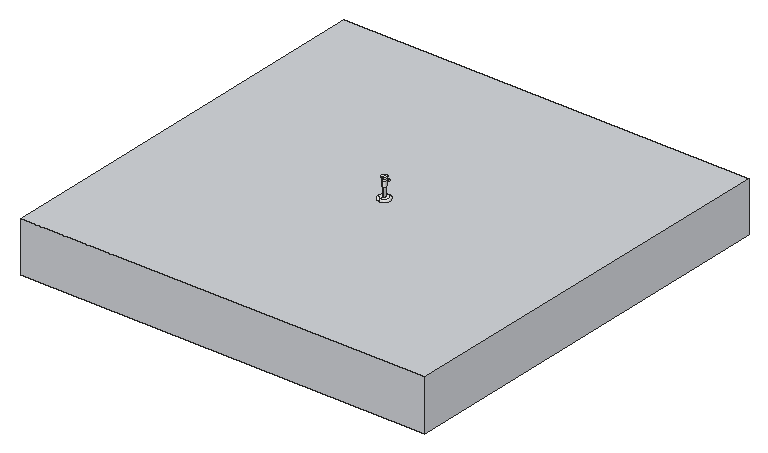
Revit family
Parameters (values of type "LF2165")
  Waste Connection = no
  Warranty Information = "15 Years Limited Warranty"
  WFU = 0
  Vent Connection = no
  URL = "http://www.mcguiremfg.com/"
  Type Comments = ""
  Specification = "Supply kit shall include lead free chrome plated brass supply stop valves with full turn brass stem, no plastic, (12, 15, 20) inch chrome plated risers and (shallow, deep, bell) (steel, brass) or (forged brass with set screw) flange. Inlet shall be 1/2 inch IPS. Outlet shall be 3/8 inch compression. Supply kit shall be McGuire LF2165. Supply kit shall be certified by recognized testing authority and shall bear manufacturer and testing mark."
  Shipping Weight = "1.08 lbs"
  Product Page URL = "http://products.mcguiremfg.com/inventoryD.asp?item_no=LF2165&CatId={22255D44-5209-4DF4-8FA5-1C69BA1DDB41}"
  Product Documentation Link = "http://products.mcguiremfg.com/pdf/LF2165_2165LK_2167_2167LK.pdf"
  Price = "Prices may vary. Please consult Manufacturer Representative for most up-to-date price list."  # constant formula
  Phone Number = "416-250-5656"  # constant formula
  Outlet Radius = 3/16"
  Outlet Diameter = Outlet Radius * 2  # 3/8"
  Omniclass Table 23 Title = "Sanitary Components"  # constant formula
  Omniclass Table 23 Code = "23.45.55.11"  # constant formula
  Model = "LF2165"
  Material = Brass-McGuire-Low Lead-Chrome Plated
  Masterformat Title = "Commercial Faucets, Supplies, and Trim"  # constant formula
  Masterformat Number = "22 42 39"  # constant formula
  Manufacturer = "McGuire Mfg"
  Length = 1 1/2"
  IAPMO Compliance = "cUPC Low-Lead"
  Hydronic Supply Radius = 1/4"
  Hydronic Supply Diameter = Hydronic Supply Radius * 2  # 1/2"
  HWFU = 0
  HW Connection = yes
  Description = "McGuire's lead free wheel handle supply kit. Furnished with 1/2 inch IPS x 3/8 inch OD angle stop valve, 12 inch copper flexible riser and a steel shallow flange."
  Default Elevation = 0"
  Creation Date = "10/27/2015"  # constant formula
  Created By = "Allied Technical Services"  # constant formula
  CWFU = 0
  CW Connection = yes
  Assembly Code = "D2020300"
  ATS URL = "http://www.atsspec.net"
Reference planes (in)
  plane 1 "Center (Front/Back)": y = 0
  plane 2: z = 0
  plane 3 "Center (Left/Right)": x = 0
  plane 4: z = 4
  plane 5: y = 0.1875
  plane 6: y = -1.375
  plane 7: z = 4.4375
  plane 8: z = 3.5
  plane 9: z = 3.6875
  plane 10: x = -0.1875
  plane 11: x = -0.25
  plane 12: x = 0.1875
  plane 13: x = 0.25
  plane 14: z = 2.75
  plane 15: z = 4.25
  plane 16: y = 1.1875
Forms (in)
  Extrusion 1, solid
    sketch origin (0, 0, 0) x (1, 0, 0) y (0, 1, 0)
      loop
        line (-48, 48) -> (-48, -48) -> (48, -48) -> (48, 48) -> (-48, 48)
    from 0 to -12
  Revolve 2, solid, material "Brass-McGuire-Low Lead-Chrome Plated" <- "Material"
    sketch origin (0, 0, -3.5) x (0, 0, -1) y (0, 1, 0)
      loop
        line (-3.5, 0) -> (-3.5, 1.37012)
        arc (-3.5, 1.37012) -> (-3.76084, 1.30043) -> (-3.875, 1.05577) r 0.31926
        arc (-3.875, 1.05577) -> (-3.90674, 0.80134) -> (-4, 0.5625) r 1.03574
        line (-4, 0.5625) -> (-4, 0.1875) -> (-6.25, 0.1875) -> (-6.25, 0.3939) -> (-6.29846, 0.42187) -> (-7.45197, 0.42187) -> (-7.45197, 0.375) -> (-7.5, 0.375) -> (-7.5, 0.40665)
        arc (-7.5, 0.40665) -> (-7.53326, 0.4384) -> (-7.57776, 0.44996) r 0.09147
        line (-7.57776, 0.44996) -> (-7.67224, 0.44996)
        arc (-7.67224, 0.44996) -> (-7.73056, 0.29213) -> (-7.75, 0.125) r 0.70804
        line (-7.75, 0.125) -> (-8, 0.125) -> (-8, 0.1875) -> (-8.125, 0.1875) -> (-8.125, 0.625) -> (-8.25, 0.625)
        arc (-8.25, 0.625) -> (-8.30071, 0.31445) -> (-8.3125, 0) r 2.53202
        line (-8.3125, 0) -> (-3.5, 0)
      axis (-8.3125, 0) -> (-3.5, 0)
    angle from 0 to 360
  Revolve 3, solid, material "Brass-McGuire-Low Lead-Chrome Plated" <- "Material"
    sketch origin (0, -0.375, 0) x (0, 1, 0) y (0, 0, 1)
      loop
        line (0.64371, 3.72817) -> (0.64371, 3.6875) -> (1.5625, 3.6875) -> (1.5625, 3.75146) -> (1.16676, 3.75146) -> (1.14346, 3.72817) -> (0.64371, 3.72817)
      axis (0.64371, 3.5) -> (1.5625, 3.5)
    angle from 0 to 360
Cuts and joins
  joined: Revolve 2, Revolve 3
Lines and regions (in)
  Masking region 1
    outline origin (0, 0, 0) x (0, 0, 1) y (0, -1, 0)
      loop
        line (0.5, -0.1875) -> (2.75, -0.1875) -> (2.75, -0.3939) -> (2.79846, -0.42187) -> (3.27183, -0.42187) -> (3.27183, -0.76846) -> (3.24854, -0.79176) -> (3.24854, -1.1875) -> (3.75146, -1.1875) -> (3.75146, -0.79176) -> (3.72817, -0.76846) -> (3.72817, -0.42187) -> (3.95197, -0.42187) -> (3.95197, -0.375) -> (4, -0.375) -> (4, -0.40665)
        arc (4, -0.40665) -> (4.03222, -0.43774) -> (4.07529, -0.44996) r 0.09207
        line (4.07529, -0.44996) -> (4.17224, -0.44996)
        arc (4.17224, -0.44996) -> (4.23073, -0.29217) -> (4.25, -0.125) r 0.70223
        line (4.25, -0.125) -> (4.5, -0.125) -> (4.5, -0.1875) -> (4.625, -0.1875) -> (4.625, -0.625) -> (4.75, -0.625)
        arc (4.75, -0.625) -> (4.81328, 0) -> (4.75, 0.625) r 3.1182
        line (4.75, 0.625) -> (4.625, 0.625) -> (4.625, 0.1875) -> (4.5, 0.1875) -> (4.5, 0.125) -> (4.25, 0.125)
        arc (4.25, 0.125) -> (4.23073, 0.29217) -> (4.17224, 0.44996) r 0.70223
        line (4.17224, 0.44996) -> (4.07529, 0.44996)
        arc (4.07529, 0.44996) -> (4.03222, 0.43774) -> (4, 0.40665) r 0.09207
        line (4, 0.40665) -> (4, 0.375) -> (3.95197, 0.375) -> (3.95197, 0.42188) -> (2.79846, 0.42188) -> (2.75, 0.3939) -> (2.75, 0.1875) -> (0.5, 0.1875) -> (0.5, 0.5625)
        arc (0.5, 0.5625) -> (0.40855, 0.79449) -> (0.37504, 1.0416) r 1.03834
        arc (0.37504, 1.0416) -> (0.26567, 1.29507) -> (0, 1.37012) r 0.32129
        line (0, 1.37012) -> (0, -1.37012)
        arc (0, -1.37012) -> (0.26567, -1.29507) -> (0.37504, -1.0416) r 0.32129
        arc (0.37504, -1.0416) -> (0.40855, -0.79449) -> (0.5, -0.5625) r 1.03834
        line (0.5, -0.5625) -> (0.5, -0.1875)
  Masking region 2
    outline origin (0, 0, 0) x (1, 0, 0) y (0, 0, 1)
      loop
        arc (0.40665, 3.99994) -> (0.44546, 4.08211) -> (0.44996, 4.17287) r 0.23352
        arc (0.44996, 4.17287) -> (0.292, 4.23048) -> (0.125, 4.25) r 0.72207
        line (0.125, 4.25) -> (0.125, 4.5) -> (0.1875, 4.5) -> (0.1875, 4.625) -> (0.625, 4.625) -> (0.625, 4.75)
        arc (0.625, 4.75) -> (0, 4.8132) -> (-0.625, 4.75) r 3.12197
        line (-0.625, 4.75) -> (-0.625, 4.625) -> (-0.1875, 4.625) -> (-0.1875, 4.5) -> (-0.125, 4.5) -> (-0.125, 4.25)
        arc (-0.125, 4.25) -> (-0.292, 4.23048) -> (-0.44996, 4.17287) r 0.72207
        arc (-0.44996, 4.17287) -> (-0.44546, 4.08211) -> (-0.40665, 3.99994) r 0.23352
        line (-0.40665, 3.99994) -> (-0.37489, 3.99994) -> (-0.37489, 3.95197) -> (-0.42097, 3.95197) -> (-0.42097, 2.79764) -> (-0.3939, 2.75) -> (-0.1875, 2.75) -> (-0.1875, 0.5) -> (-0.5625, 0.5)
        arc (-0.5625, 0.5) -> (-0.79097, 0.40928) -> (-1.03439, 0.375) r 1.03498
        arc (-1.03439, 0.375) -> (-1.29375, 0.26942) -> (-1.37012, 0) r 0.31927
        line (-1.37012, 0) -> (1.37012, 0)
        arc (1.37012, 0) -> (1.29544, 0.26651) -> (1.04081, 0.375) r 0.31988
        arc (1.04081, 0.375) -> (0.7941, 0.40861) -> (0.5625, 0.5) r 1.03804
        line (0.5625, 0.5) -> (0.1875, 0.5) -> (0.1875, 2.75) -> (0.3939, 2.75) -> (0.42097, 2.79764) -> (0.42097, 3.95197) -> (0.37489, 3.95197) -> (0.37489, 3.99994) -> (0.40665, 3.99994)
  Masking region 3
    outline origin (0, 0, 0) x (1, 0, 0) y (0, 1, 0)
      loop
        circle (0, 0) r 1.37056
  symbolic lines, detail levels medium+fine
    curve 1: line (0, 0.76846, 3.27183) -> (0, 0.76846, 3.72817)
    curve 2: line (0, 0.1875, 0.5) -> (0, -0.1875, 0.5)
    curve 4: line (0.1875, 0, 0.5) -> (-0.1875, 0, 0.5)
    curve 7: circle (0, 0, 3.5) r 0.1875 normal (0, 1, 0)
    curve 8: circle (0, 0, 0) r 0.625 normal (0, 0, 1)
    curve 9: circle (0, 0, 0) r 0.1875 normal (0, 0, 1)
    curve 22: line (0, 0.1875, 4.625) -> (0, -0.1875, 4.625)
    curve 23: line (0, 0.125, 4.25) -> (0, -0.13248, 4.25)
    curve 24: line (0, -0.375, 4) -> (0, 0.375, 4)
    curve 25: line (0, 0.42187, 3.72817) -> (0, 0.42187, 3.27183)
    curve 26: line (0, 0.1875, 2.75) -> (0, -0.1875, 2.75)
    curve 35: line (0.37489, 0, 3.95197) -> (-0.37489, 0, 3.95197)
    curve 36: line (-0.37489, 0, 3.99994) -> (0.37489, 0, 3.99994)
    curve 37: line (0.125, 0, 4.25) -> (-0.125, 0, 4.25)
    curve 38: line (-0.1875, 0, 4.625) -> (0.1875, 0, 4.625)
    curve 39: line (0.1875, 0, 2.75) -> (-0.1875, 0, 2.75)
    curve 40: line (0.18659, 0, 2.79764) -> (0.18659, 0, 3.33143)
    curve 41: line (-0.18659, 0, 2.79764) -> (-0.18659, 0, 3.33143)
    curve 42: line (0.18659, 0, 3.95197) -> (0.18659, 0, 3.66857)
    curve 43: line (-0.18659, 0, 3.95197) -> (-0.18659, 0, 3.66857)
    curve 44: line (-0.25146, 1.1875, 0) -> (0.25146, 1.1875, 0)
    curve 45: line (0.25146, 1.1875, 0) -> (0.25146, 0.79139, 0)
    curve 46: line (0.25146, 0.79139, 0) -> (0.22908, 0.76901, 0)
    curve 47: line (-0.25146, 1.1875, 0) -> (-0.25146, 0.79139, 0)
    curve 48: line (-0.25146, 0.79139, 0) -> (-0.22908, 0.76901, 0)
    curve 50: line (-0.22908, 0.76901, 0) -> (-0.22908, 0.58151, 0)
    curve 51: line (0.22908, 0.76901, 0) -> (0.22908, 0.58151, 0)
  symbolic lines, detail levels fine
    curve 3: line (0, 1.0416, 0.37504) -> (0, -1.045, 0.37504)
    curve 5: line (1.04081, 0, 0.375) -> (-1.03439, 0, 0.375)
    curve 6: circle (0, 0, 3.5) r 0.25146 normal (0, 1, 0)
    curve 10: line (0.02734, 0.08203, 0) -> (0.02734, 0.02734, 0)
    curve 11: line (0.02734, 0.02734, 0) -> (0.08203, 0.02734, 0)
    curve 12: line (0.08203, 0.02734, 0) -> (0.08203, -0.02734, 0)
    curve 13: line (0.08203, -0.02734, 0) -> (0.02734, -0.02734, 0)
    curve 14: line (0.02734, -0.02734, 0) -> (0.02734, -0.08203, 0)
    curve 15: line (0.02734, -0.08203, 0) -> (-0.02734, -0.08203, 0)
    curve 16: line (0.02734, 0.08203, 0) -> (-0.02734, 0.08203, 0)
    curve 17: line (-0.02734, 0.08203, 0) -> (-0.02734, 0.02734, 0)
    curve 18: line (-0.02734, 0.02734, 0) -> (-0.08203, 0.02734, 0)
    curve 19: line (-0.08203, 0.02734, 0) -> (-0.08203, -0.02734, 0)
    curve 20: line (-0.08203, -0.02734, 0) -> (-0.02734, -0.02734, 0)
    curve 21: line (-0.02734, -0.02734, 0) -> (-0.02734, -0.08203, 0)
    curve 27: line (0, 0.79176, 3.75146) -> (0, 0.79176, 3.24854)
    curve 28: line (0, 0.375, 3.95197) -> (0, -0.375, 3.95197)
    curve 29: line (0, -0.42188, 2.79846) -> (0, 0.42187, 2.79846)
    curve 30: line (0, 0.17559, 2.79846) -> (0, 0.17559, 3.95197)
    curve 31: line (0, -0.17559, 2.79846) -> (0, -0.17559, 3.95197)
    curve 32: line (0, 0.125, 4.5) -> (0, -0.125, 4.5)
    curve 33: line (0.125, 0, 4.5) -> (-0.125, 0, 4.5)
    curve 34: line (0.42097, 0, 2.79764) -> (-0.42097, 0, 2.79764)
    curve 49: line (0.25146, 0.79139, 0) -> (-0.25146, 0.79139, 0)
Dimensions and locks (in)
  "Outlet Radius": plane 8 to plane 9
  locked: Revolve 3 sketch curve to plane 9 at 0.06396
  "Outlet Radius": plane 10 to plane 3 "Center (Left/Right)"
  locked: plane 11 to plane 10 at 0.0625
  locked: plane 13 to plane 12 at 0.0625
  "Outlet Radius": plane 3 "Center (Left/Right)" to plane 12
  "Length": plane 15 to plane 14
  plane 14 to plane 8 = 3/4"
  aligned and locked: plane 2 to Extrusion 1
  aligned and locked: level to Extrusion 1
  aligned and locked: Masking region 1 sketch curve to Revolve 2
  aligned and locked: Revolve 3 sketch curve to plane 9
  aligned and locked: plane 8 to Revolve 3 sketch curve
  aligned: Masking region 1 to Revolve 2
Automatic sketch dimensions
  Extrusion 1 sketch curve to Extrusion 1 sketch curve = 96"  (x2)
  Revolve 3 sketch curve to Revolve 3 sketch curve = 0.34036"
  Revolve 3 sketch curve to Revolve 3 sketch curve = 0.17766"
  Revolve 3 sketch curve to Revolve 3 sketch curve = 0.0233"  (x2)
  Revolve 3 sketch curve to Revolve 3 sketch curve = 0.49975"
  plane 1 "Center (Front/Back)" to curve 2 = 3/16"
  level to curve 2 = 1/2"
  level to curve 3 = 0.37504"
  curve 2 to plane 1 "Center (Front/Back)" = 3/16"
  curve 3 to plane 6 = 0.33"
  plane 1 "Center (Front/Back)" to Masking region 3 sketch curve = 0"
  Masking region 3 sketch curve to plane 3 "Center (Left/Right)" = 0"
  Revolve 2 sketch curve to plane 1 "Center (Front/Back)" = 0"  (x2)
  Revolve 2 sketch curve to plane 5 = 0"  (x2)
  plane 7 to Revolve 2 sketch curve = 3/16"
  Revolve 2 sketch curve to level = 0"
  Revolve 2 sketch curve to plane 5 = 1/16"
  Revolve 2 sketch curve to plane 7 = 1/16"
  Revolve 2 sketch curve to Revolve 2 sketch curve = 1/8"  (x2)
  Revolve 2 sketch curve to Revolve 2 sketch curve = 3/16"
  plane 7 to Revolve 2 sketch curve = 0.26526"
  Revolve 2 sketch curve to plane 4 = 0.07776"
  plane 4 to Revolve 2 sketch curve = 0.04803"
  plane 4 to Revolve 2 sketch curve = 0.15457"
  Revolve 2 sketch curve to plane 5 = 0.06015"
  Revolve 2 sketch curve to Revolve 2 sketch curve = 0.30347"
  plane 8 to Revolve 2 sketch curve = 0.35046"
  Revolve 2 sketch curve to Revolve 2 sketch curve = 0.35108"
  plane 5 to Revolve 2 sketch curve = 0.2064"
  Revolve 2 sketch curve to Revolve 2 sketch curve = 0.04846"
  level to Revolve 2 sketch curve = 1/2"
  level to Revolve 2 sketch curve = 3/8"
  Revolve 2 sketch curve to Revolve 2 sketch curve = 0"
  level to Revolve 2 sketch curve = 0.05574"
  Revolve 2 sketch curve to plane 1 "Center (Front/Back)" = 1/16"
  Revolve 2 sketch curve to Revolve 2 sketch curve = 0.01651"
  Revolve 2 sketch curve to Revolve 2 sketch curve = 0.03165"
  Revolve 2 sketch curve to Revolve 2 sketch curve = 3/64"
  plane 4 to Revolve 2 sketch curve = 0"
  plane 5 to Revolve 2 sketch curve = 3/8"
  Revolve 2 sketch curve to Revolve 2 sketch curve = 15/32"
  Masking region 1 sketch curve to plane 1 "Center (Front/Back)" = 0"
  plane 14 to Masking region 1 sketch curve = 0"  (x2)
  Masking region 1 sketch curve to plane 15 = 0"  (x2)
  level to Masking region 1 sketch curve = 0.05397"  (x2)
  Masking region 1 sketch curve to Masking region 1 sketch curve = 0.32107"  (x2)
  Masking region 1 sketch curve to Masking region 1 sketch curve = 0.12496"  (x2)
  Masking region 1 sketch curve to plane 6 = 0.31845"
  Masking region 1 sketch curve to Masking region 1 sketch curve = 0.91327"
  plane 14 to Masking region 1 sketch curve = 1.05493"
  Masking region 1 sketch curve to plane 14 = 0.04846"  (x2)
  plane 8 to Masking region 1 sketch curve = 0.25146"
  Masking region 1 sketch curve to Masking region 1 sketch curve = 0.0233"  (x3)
  Masking region 1 sketch curve to plane 8 = 0.04778"  (x2)
  Masking region 1 sketch curve to plane 8 = 0.22817"
  Masking region 1 sketch curve to plane 8 = 0.25146"
  Masking region 1 sketch curve to Masking region 1 sketch curve = 0.22381"
  Masking region 1 sketch curve to plane 15 = 0.29803"
  Masking region 1 sketch curve to Masking region 1 sketch curve = 0.04803"  (x2)
  Masking region 1 sketch curve to Masking region 1 sketch curve = 0.07529"  (x2)
  Masking region 1 sketch curve to Masking region 1 sketch curve = 5/64"  (x2)
  Masking region 1 sketch curve to plane 15 = 0.07776"  (x2)
  Masking region 1 sketch curve to plane 7 = 1/16"  (x2)
  Masking region 1 sketch curve to plane 7 = 3/16"  (x2)
  Masking region 1 sketch curve to Masking region 1 sketch curve = 1/8"  (x2)
  Masking region 1 sketch curve to Masking region 1 sketch curve = 0.39574"  (x2)
  Masking region 1 sketch curve to Masking region 1 sketch curve = 0.3418"
  Masking region 1 sketch curve to Masking region 1 sketch curve = 0.34658"
  Masking region 1 sketch curve to Masking region 1 sketch curve = 0.02808"
  Masking region 1 sketch curve to Masking region 1 sketch curve = 0.01522"
  Masking region 1 sketch curve to Masking region 1 sketch curve = 0.02798"  (x2)
  Masking region 1 sketch curve to Masking region 1 sketch curve = 0.03165"  (x2)
  Masking region 1 sketch curve to plane 1 "Center (Front/Back)" = 3/16"  (x2)
  Masking region 1 sketch curve to plane 1 "Center (Front/Back)" = 0.12874"
  plane 1 "Center (Front/Back)" to Masking region 1 sketch curve = 1/8"
  plane 1 "Center (Front/Back)" to Masking region 1 sketch curve = 0.12874"
  plane 1 "Center (Front/Back)" to Masking region 1 sketch curve = 3/16"
  Masking region 1 sketch curve to Masking region 1 sketch curve = 1/16"
  Masking region 1 sketch curve to Masking region 1 sketch curve = 0.09202"
  Masking region 1 sketch curve to Masking region 1 sketch curve = 0.2064"
  Masking region 1 sketch curve to Masking region 1 sketch curve = 3/8"
  Masking region 1 sketch curve to Masking region 1 sketch curve = 0.0118"
  plane 14 to curve 26 = 0"
  curve 23 to plane 15 = 0"
  curve 29 to plane 14 = 0.04846"
  plane 1 "Center (Front/Back)" to curve 29 = 27/64"
  plane 1 "Center (Front/Back)" to curve 28 = 3/8"
  curve 24 to curve 28 = 0"  (x2)
  plane 1 "Center (Front/Back)" to curve 26 = 3/16"
  plane 1 "Center (Front/Back)" to curve 22 = 3/16"
  curve 26 to curve 31 = 0.01191"
  plane 1 "Center (Front/Back)" to curve 23 = 0.13248"
  plane 1 "Center (Front/Back)" to curve 32 = 1/8"
  curve 23 to plane 1 "Center (Front/Back)" = 1/8"
  curve 32 to plane 1 "Center (Front/Back)" = 1/8"
  curve 30 to plane 1 "Center (Front/Back)" = 0.17559"
  curve 32 to curve 22 = 1/16"
  curve 30 to curve 26 = 0.01191"
  curve 30 to curve 28 = 0.19941"
  curve 25 to plane 1 "Center (Front/Back)" = 27/64"
  curve 26 to curve 29 = 15/64"
  curve 25 to curve 27 = 0.36988"
  plane 8 to curve 27 = 0.25146"
  curve 27 to curve 25 = 0.0233"
  curve 25 to plane 8 = 0.22817"
  curve 25 to curve 27 = 0.0233"
  curve 30 to plane 15 = 0.29803"
  curve 28 to curve 24 = 0.04803"
  curve 32 to plane 7 = 1/16"
  curve 32 to curve 22 = 1/8"
  Masking region 2 sketch curve to level = 0"
  plane 10 to Masking region 2 sketch curve = 0"  (x2)
  Masking region 2 sketch curve to plane 15 = 0"  (x2)
  Masking region 2 sketch curve to plane 3 "Center (Left/Right)" = 0"
  Masking region 2 sketch curve to plane 12 = 0"  (x2)
  Masking region 2 sketch curve to plane 14 = 0"
  Masking region 2 sketch curve to plane 11 = 0.03107"
  plane 11 to Masking region 2 sketch curve = 0.12489"
  plane 11 to Masking region 2 sketch curve = 0.1439"
  Masking region 2 sketch curve to Masking region 2 sketch curve = 0.03176"  (x2)
  Masking region 2 sketch curve to plane 14 = 0.04764"  (x2)
  Masking region 2 sketch curve to Masking region 2 sketch curve = 0.02707"  (x2)
  Masking region 2 sketch curve to Masking region 2 sketch curve = 0.04331"
  plane 11 to Masking region 2 sketch curve = 5/16"
  Masking region 2 sketch curve to plane 7 = 3/16"  (x2)
  plane 11 to Masking region 2 sketch curve = 3/8"
  Masking region 2 sketch curve to Masking region 2 sketch curve = 0.47189"
  level to Masking region 2 sketch curve = 0.05646"
  Masking region 2 sketch curve to Masking region 2 sketch curve = 0.02149"
  plane 11 to Masking region 2 sketch curve = 0.80598"
  Masking region 2 sketch curve to Masking region 2 sketch curve = 0.31424"
  Masking region 2 sketch curve to plane 8 = 0.02793"  (x2)
  Masking region 2 sketch curve to plane 10 = 0.06226"
  Masking region 2 sketch curve to plane 10 = 1/16"
  Masking region 2 sketch curve to plane 12 = 1/16"
  Masking region 2 sketch curve to plane 12 = 0.06226"
  Masking region 2 sketch curve to plane 13 = 0.03107"
  plane 13 to Masking region 2 sketch curve = 0.12489"
  plane 13 to Masking region 2 sketch curve = 0.1439"
  Masking region 2 sketch curve to plane 15 = 0.07713"
  plane 13 to Masking region 2 sketch curve = 5/16"
  plane 13 to Masking region 2 sketch curve = 3/8"
  Masking region 2 sketch curve to Masking region 2 sketch curve = 0.47831"
  level to Masking region 2 sketch curve = 0.05544"
  Masking region 2 sketch curve to Masking region 2 sketch curve = 0.01427"
  plane 13 to Masking region 2 sketch curve = 0.80656"
  Masking region 2 sketch curve to Masking region 2 sketch curve = 0.31504"
  level to Masking region 2 sketch curve = 1/2"
  Masking region 2 sketch curve to Masking region 2 sketch curve = 1/8"  (x2)
  plane 14 to Masking region 2 sketch curve = 1.05877"
  plane 14 to Masking region 2 sketch curve = 0"
  Masking region 2 sketch curve to Masking region 2 sketch curve = 0.22089"  (x2)
  Masking region 2 sketch curve to Masking region 2 sketch curve = 0.04797"  (x2)
  Masking region 2 sketch curve to plane 7 = 1/16"  (x2)
  curve 6 to curve 7 = 0"  (x2)
  plane 10 to curve 38 = 0"
  plane 10 to curve 4 = 0"
  plane 10 to curve 39 = 0"
  curve 37 to plane 15 = 0"
  curve 6 to plane 3 "Center (Left/Right)" = 0"
  curve 4 to plane 12 = 0"
  curve 39 to plane 12 = 0"
  curve 38 to plane 12 = 0"
  curve 39 to plane 14 = 0"
  curve 6 to plane 8 = 0"
  plane 11 to curve 35 = 0.12489"
  curve 36 to curve 35 = 0"  (x2)
  curve 34 to plane 14 = 0.04764"
  plane 11 to curve 34 = 0.17097"
  level to curve 5 = 3/8"
  plane 11 to curve 5 = 0.78439"
  curve 41 to plane 10 = 0.00091"
  curve 43 to plane 10 = 0.00091"
  curve 37 to plane 10 = 1/16"
  curve 33 to plane 10 = 1/16"
  curve 37 to plane 12 = 1/16"
  curve 33 to plane 12 = 1/16"
  curve 40 to plane 12 = 0.00091"
  curve 42 to plane 12 = 0.00091"
  plane 13 to curve 36 = 0.12489"
  plane 13 to curve 34 = 0.17097"
  plane 13 to curve 5 = 0.79081"
  level to curve 4 = 1/2"
  plane 8 to curve 41 = 0.16857"
  curve 35 to plane 15 = 0.29803"
  curve 35 to curve 36 = 0.04797"
  curve 33 to plane 7 = 1/16"
  curve 33 to curve 38 = 1/8"
  Revolve 2 sketch curve to plane 16 = 0.13173"
  Masking region 1 sketch curve to plane 16 = 0.13095"
  Masking region 1 sketch curve to Masking region 1 sketch curve = 1.03823"
  plane 16 to Masking region 1 sketch curve = 0.18262"
  Masking region 1 sketch curve to Masking region 1 sketch curve = 0.31672"
  Masking region 1 sketch curve to Masking region 1 sketch curve = 1.05876"
  Masking region 1 sketch curve to Masking region 1 sketch curve = 7/16"
  plane 8 to curve 1 = 0.22817"
  curve 1 to plane 8 = 0.22817"
  curve 1 to plane 1 "Center (Front/Back)" = 0.76846"
  curve 3 to plane 16 = 0.1459"
  Revolve 3 sketch curve to plane 1 "Center (Front/Back)" = 0.26871"
  Revolve 3 sketch curve to plane 16 = 0"
  curve 8 to curve 9 = 0"  (x2)
  curve 47 to plane 16 = 0"
  plane 1 "Center (Front/Back)" to curve 9 = 0"
  curve 9 to plane 3 "Center (Left/Right)" = 0"
  curve 21 to plane 3 "Center (Left/Right)" = 7/256"
  curve 18 to plane 3 "Center (Left/Right)" = 7/256"
  curve 20 to curve 20 = 7/128"
  curve 50 to plane 11 = 0.02092"
  plane 11 to curve 44 = 0.00146"
  plane 3 "Center (Left/Right)" to curve 15 = 7/256"
  plane 3 "Center (Left/Right)" to curve 10 = 7/256"
  curve 11 to plane 1 "Center (Front/Back)" = 7/256"
  curve 10 to curve 11 = 7/128"
  curve 51 to plane 13 = 0.02092"
  plane 13 to curve 45 = 0.00146"
  plane 1 "Center (Front/Back)" to curve 19 = 7/256"
  plane 1 "Center (Front/Back)" to curve 14 = 7/256"
  curve 15 to curve 20 = 7/128"
  curve 19 to plane 1 "Center (Front/Back)" = 7/256"
  curve 17 to curve 16 = 7/128"
  curve 16 to curve 50 = 0.49947"
  curve 50 to curve 48 = 3/16"
  curve 51 to curve 51 = 3/16"
  curve 46 to curve 49 = 0.02239"
  radius of curve 7 = 3/16"
  radius of Masking region 3 sketch curve = 1.37056"
  radius of curve 9 = 3/16"
Connectors (in)
  piping at (0, 0, 0), driven by "Hydronic Supply Radius"
    settings: on cut or joined group of Revolve 2, Revolve 3, index 1
  piping at (0, 1.1875, 3.5), driven by "Outlet Radius"
    settings: on cut or joined group of Revolve 2, Revolve 3, index 2
